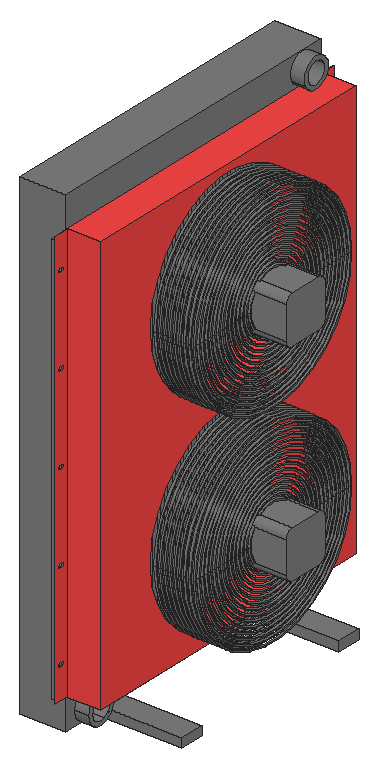
Revit family "MIT-A21Y-0102", category Specialty Equipment, Revit 2022
Family settings
  Round Connector Dimension = Use Radius
  Part Type = Normal
  Work Plane-Based = No
  Always vertical = Yes
  Cut with Voids When Loaded = No
  Maintain Annotation Orientation = No
  Shared = No
  Room Calculation Point = No
Parameters
  URL = "https://en.ekinendustriyel.com/fan-driven-oil-coolers"
  Model = "MIT-A21Y-0102"
  Manufacturer = "Ekin Endüstriyel"
  Keynote = "Fan Driven Oil Coolers"
  Description = "MIT- Fan Driven Oil Coolers"
  Default Elevation = 0 mm
Reference planes
  plane 1 "Center (Front/Back)": y = 0
  plane 2: z = 0
  plane 3 "Center (Left/Right)": x = 0
Forms (mm)
  Extrusion 1, solid, material "Ekin Endustriyel-S235JR", detail levels medium+fine
    sketch origin (-1245, -0.99, 0) x (0, 1, 0) y (0, 0, 1)
      loop
        line (-324.01, 20) -> (325.99, 20) -> (325.99, 1000) -> (-324.01, 1000) -> (-324.01, 20)
      loop
        line (315.99, 925) -> (305.99, 925) -> (305.99, 95) -> (315.99, 95) -> (315.99, 925)
      loop
        line (295.99, 925) -> (285.99, 925) -> (285.99, 95) -> (295.99, 95) -> (295.99, 925)
      loop
        line (275.99, 925) -> (265.99, 925) -> (265.99, 95) -> (275.99, 95) -> (275.99, 925)
      loop
        line (255.99, 925) -> (245.99, 925) -> (245.99, 95) -> (255.99, 95) -> (255.99, 925)
      loop
        line (235.99, 925) -> (225.99, 925) -> (225.99, 95) -> (235.99, 95) -> (235.99, 925)
      loop
        line (215.99, 925) -> (205.99, 925) -> (205.99, 95) -> (215.99, 95) -> (215.99, 925)
      loop
        line (195.99, 925) -> (185.99, 925) -> (185.99, 95) -> (195.99, 95) -> (195.99, 925)
      loop
        line (175.99, 925) -> (165.99, 925) -> (165.99, 95) -> (175.99, 95) -> (175.99, 925)
      loop
        line (155.99, 925) -> (145.99, 925) -> (145.99, 95) -> (155.99, 95) -> (155.99, 925)
      loop
        line (135.99, 925) -> (125.99, 925) -> (125.99, 95) -> (135.99, 95) -> (135.99, 925)
      loop
        line (115.99, 925) -> (105.99, 925) -> (105.99, 95) -> (115.99, 95) -> (115.99, 925)
      loop
        line (95.99, 925) -> (85.99, 925) -> (85.99, 95) -> (95.99, 95) -> (95.99, 925)
      loop
        line (75.99, 925) -> (65.99, 925) -> (65.99, 95) -> (75.99, 95) -> (75.99, 925)
      loop
        line (55.99, 925) -> (45.99, 925) -> (45.99, 95) -> (55.99, 95) -> (55.99, 925)
      loop
        line (35.99, 925) -> (25.99, 925) -> (25.99, 95) -> (35.99, 95) -> (35.99, 925)
      loop
        line (15.99, 925) -> (5.99, 925) -> (5.99, 95) -> (15.99, 95) -> (15.99, 925)
      loop
        line (-4.01, 925) -> (-14.01, 925) -> (-14.01, 95) -> (-4.01, 95) -> (-4.01, 925)
      loop
        line (-24.01, 925) -> (-34.01, 925) -> (-34.01, 95) -> (-24.01, 95) -> (-24.01, 925)
      loop
        line (-44.01, 925) -> (-54.01, 925) -> (-54.01, 95) -> (-44.01, 95) -> (-44.01, 925)
      loop
        line (-64.01, 925) -> (-74.01, 925) -> (-74.01, 95) -> (-64.01, 95) -> (-64.01, 925)
      loop
        line (-84.01, 925) -> (-94.01, 925) -> (-94.01, 95) -> (-84.01, 95) -> (-84.01, 925)
      loop
        line (-104.01, 925) -> (-114.01, 925) -> (-114.01, 95) -> (-104.01, 95) -> (-104.01, 925)
      loop
        line (-124.01, 925) -> (-134.01, 925) -> (-134.01, 95) -> (-124.01, 95) -> (-124.01, 925)
      loop
        line (-144.01, 925) -> (-154.01, 925) -> (-154.01, 95) -> (-144.01, 95) -> (-144.01, 925)
      loop
        line (-164.01, 925) -> (-174.01, 925) -> (-174.01, 95) -> (-164.01, 95) -> (-164.01, 925)
      loop
        line (-184.01, 925) -> (-194.01, 925) -> (-194.01, 95) -> (-184.01, 95) -> (-184.01, 925)
      loop
        line (-204.01, 925) -> (-214.01, 925) -> (-214.01, 95) -> (-204.01, 95) -> (-204.01, 925)
      loop
        line (-224.01, 925) -> (-234.01, 925) -> (-234.01, 95) -> (-224.01, 95) -> (-224.01, 925)
      loop
        line (-244.01, 925) -> (-254.01, 925) -> (-254.01, 95) -> (-244.01, 95) -> (-244.01, 925)
      loop
        line (-264.01, 925) -> (-274.01, 925) -> (-274.01, 95) -> (-264.01, 95) -> (-264.01, 925)
      loop
        line (-284.01, 925) -> (-294.01, 925) -> (-294.01, 95) -> (-284.01, 95) -> (-284.01, 925)
      loop
        line (-304.01, 925) -> (-314.01, 925) -> (-314.01, 95) -> (-304.01, 95) -> (-304.01, 925)
    from 1339 to 1245
  Extrusion 2, solid, material "Ekin Endustriyel_S235JR", detail levels medium+fine
    sketch origin (1068.5, 0, -19.6) x (0, 1, 0) y (0, 0, 1)
      loop
        line (-325, 103.057) -> (325, 103.057) -> (325, 958.35) -> (-325, 958.35) -> (-325, 103.057)
      loop
        circle (0, 315.6) r 200
      loop
        circle (0, 743.6) r 200
    from -904.5 to -974.5
  Extrusion 3, solid, material "Ekin Endustriyel_S235JR", detail levels medium+fine
    sketch origin (356.704, 0, 61.923) x (0, 1, 0) y (0, 0, 1)
      loop
        line (-355, 874.62) -> (-355, 21.534) -> (-325, 21.534) -> (-325, 874.62) -> (-355, 874.62)
      loop
        line (-336.5, 92.577) -> (-343.5, 92.577)
        arc (-343.5, 92.577) -> (-348, 88.077) -> (-343.5, 83.577) r 4.5
        line (-343.5, 83.577) -> (-336.5, 83.577)
        arc (-336.5, 83.577) -> (-332, 88.077) -> (-336.5, 92.577) r 4.5
      loop
        line (-336.5, 272.577) -> (-343.5, 272.577)
        arc (-343.5, 272.577) -> (-348, 268.077) -> (-343.5, 263.577) r 4.5
        line (-343.5, 263.577) -> (-336.5, 263.577)
        arc (-336.5, 263.577) -> (-332, 268.077) -> (-336.5, 272.577) r 4.5
      loop
        line (-336.5, 452.577) -> (-343.5, 452.577)
        arc (-343.5, 452.577) -> (-348, 448.077) -> (-343.5, 443.577) r 4.5
        line (-343.5, 443.577) -> (-336.5, 443.577)
        arc (-336.5, 443.577) -> (-332, 448.077) -> (-336.5, 452.577) r 4.5
      loop
        line (-336.5, 632.577) -> (-343.5, 632.577)
        arc (-343.5, 632.577) -> (-348, 628.077) -> (-343.5, 623.577) r 4.5
        line (-343.5, 623.577) -> (-336.5, 623.577)
        arc (-336.5, 623.577) -> (-332, 628.077) -> (-336.5, 632.577) r 4.5
      loop
        line (-336.5, 812.577) -> (-343.5, 812.577)
        arc (-343.5, 812.577) -> (-348, 808.077) -> (-343.5, 803.577) r 4.5
        line (-343.5, 803.577) -> (-336.5, 803.577)
        arc (-336.5, 803.577) -> (-332, 808.077) -> (-336.5, 812.577) r 4.5
      loop
        line (355, 874.62) -> (325, 874.62) -> (325, 21.534) -> (355, 21.534) -> (355, 874.62)
      loop
        arc (336.5, 92.577) -> (332, 88.077) -> (336.5, 83.577) r 4.5
        line (336.5, 83.577) -> (343.5, 83.577)
        arc (343.5, 83.577) -> (348, 88.077) -> (343.5, 92.577) r 4.5
        line (343.5, 92.577) -> (336.5, 92.577)
      loop
        arc (336.5, 272.577) -> (332, 268.077) -> (336.5, 263.577) r 4.5
        line (336.5, 263.577) -> (343.5, 263.577)
        arc (343.5, 263.577) -> (348, 268.077) -> (343.5, 272.577) r 4.5
        line (343.5, 272.577) -> (336.5, 272.577)
      loop
        arc (336.5, 452.577) -> (332, 448.077) -> (336.5, 443.577) r 4.5
        line (336.5, 443.577) -> (343.5, 443.577)
        arc (343.5, 443.577) -> (348, 448.077) -> (343.5, 452.577) r 4.5
        line (343.5, 452.577) -> (336.5, 452.577)
      loop
        arc (336.5, 632.577) -> (332, 628.077) -> (336.5, 623.577) r 4.5
        line (336.5, 623.577) -> (343.5, 623.577)
        arc (343.5, 623.577) -> (348, 628.077) -> (343.5, 632.577) r 4.5
        line (343.5, 632.577) -> (336.5, 632.577)
      loop
        arc (336.5, 812.577) -> (332, 808.077) -> (336.5, 803.577) r 4.5
        line (336.5, 803.577) -> (343.5, 803.577)
        arc (343.5, 803.577) -> (348, 808.077) -> (343.5, 812.577) r 4.5
        line (343.5, 812.577) -> (336.5, 812.577)
    from -261.204 to -262.704
  Extrusion 4, solid, material "Ekin Endustriyel-S235JR", detail levels fine
    sketch origin (-1795, 139.233, 0) x (1, 0, 0) y (0, 0, 1)
      loop
        line (1745, 20) -> (1745, 0) -> (2045, 0) -> (2045, 20) -> (1745, 20)
    from -85.767 to -35.767
  Extrusion 5, solid, material "Ekin Endustriyel-S235JR", detail levels coarse
    sketch origin (-750, 0, 0) x (0, 1, 0) y (0, 0, 1)
      loop
        line (325, 1000) -> (-325, 1000) -> (-325, 0) -> (325, 0) -> (325, 1000)
    from 844 to 750
  Extrusion 6, solid, material "Ekin Endustriyel_S235JR", detail levels coarse
    sketch origin (1213.5, 0, -1.307) x (0, 1, 0) y (0, 0, 1)
      loop
        line (-325, 940.057) -> (-325, 82.557) -> (325, 82.557) -> (325, 940.057) -> (-325, 940.057)
    from -1049.5 to -1119.5
  Extrusion 7, solid, material "Ekin Endustriyel-S235JR"
    sketch origin (310.965, 0, -5.026) x (0, 1, 0) y (0, 0, 1)
      loop
        arc (-33.5, 349.526) -> (-44.107, 345.132) -> (-48.5, 334.526) r 15
        line (-48.5, 334.526) -> (-48.5, 267.526)
        arc (-48.5, 267.526) -> (-44.107, 256.919) -> (-33.5, 252.526) r 15
        line (-33.5, 252.526) -> (33.5, 252.526)
        arc (33.5, 252.526) -> (44.107, 256.919) -> (48.5, 267.526) r 15
        line (48.5, 267.526) -> (48.5, 334.526)
        arc (48.5, 334.526) -> (44.107, 345.132) -> (33.5, 349.526) r 15
        line (33.5, 349.526) -> (-33.5, 349.526)
    from 11.296 to -123.465
  Extrusion 8, solid, material "Ekin Endustriyel-S235JR", detail levels coarse
    sketch origin (1670, 0, -43.773) x (0, 1, 0) y (0, 0, 1)
      loop
        circle (0, 339.773) r 200
      loop
        circle (0, 767.773) r 200
    from -1347.843 to -1506
  Extrusion 9, solid, material "Ekin Endustriyel-S235JR", detail levels fine
    sketch origin (355, 0, 333.802) x (0, 1, 0) y (0, 0, 1)
      loop
        line (325, 596.198) -> (325, -243.802) -> (355, -243.802) -> (355, 596.198) -> (325, 596.198)
      loop
        circle (340, -3.802) r 5
      loop
        circle (340, -183.802) r 5
      loop
        circle (340, 176.198) r 5
      loop
        circle (340, 356.198) r 5
      loop
        circle (340, 536.198) r 5
      loop
        line (-325, 596.198) -> (-355, 596.198) -> (-355, -243.802) -> (-325, -243.802) -> (-325, 596.198)
      loop
        circle (-340, -3.802) r 5
      loop
        circle (-340, -183.802) r 5
      loop
        circle (-340, 176.198) r 5
      loop
        circle (-340, 356.198) r 5
      loop
        circle (-340, 536.198) r 5
    from -267 to -261
  Extrusion 10, solid, material "Ekin Endustriyel-S235JR", detail levels fine
    sketch origin (-1795, -133.751, 0) x (1, 0, 0) y (0, 0, 1)
      loop
        line (1745, 0) -> (2045, 0) -> (2045, 20) -> (1745, 20) -> (1745, 0)
    from 41.249 to 91.249
  Revolve 11, solid, material "Ekin Endustriyel-S235JR", detail levels medium+fine
    sketch origin (0, 0, 296.016) x (1, 0, 0) y (0, 1, 0)
      loop
        circle (174.2, 197.994) r 2
      loop
        circle (184.2, 197.994) r 2
      loop
        circle (194.2, 197.994) r 2
      loop
        circle (204.2, 197.994) r 2
      loop
        circle (214.2, 197.994) r 2
      loop
        circle (224.2, 197.994) r 2
      loop
        circle (234.2, 197.994) r 2
      loop
        circle (244.2, 197.994) r 2
      loop
        circle (254.2, 197.994) r 2
      loop
        circle (254.2, 187.994) r 2
      loop
        circle (254.2, 177.994) r 2
      loop
        circle (254.2, 167.994) r 2
      loop
        circle (254.2, 157.994) r 2
      loop
        circle (254.2, 147.994) r 2
      loop
        circle (254.2, 137.994) r 2
      loop
        circle (254.2, 127.994) r 2
      loop
        circle (254.2, 117.994) r 2
      loop
        circle (254.2, 107.994) r 2
      loop
        circle (254.2, 97.994) r 2
      loop
        circle (254.2, 87.994) r 2
      loop
        circle (254.197, 78) r 2
      loop
        circle (254.197, 68) r 2
      loop
        circle (254.197, 58) r 2
      axis (172.2, 0) -> (256.2, 0)
    angle from 0 to 360
  Extrusion 12, solid, material "Ekin Endustriyel-S235JR"
    sketch origin (310.965, 0, 422.982) x (0, 1, 0) y (0, 0, 1)
      loop
        arc (-33.5, 349.526) -> (-44.107, 345.132) -> (-48.5, 334.526) r 15
        line (-48.5, 334.526) -> (-48.5, 267.526)
        arc (-48.5, 267.526) -> (-44.107, 256.919) -> (-33.5, 252.526) r 15
        line (-33.5, 252.526) -> (33.5, 252.526)
        arc (33.5, 252.526) -> (44.107, 256.919) -> (48.5, 267.526) r 15
        line (48.5, 267.526) -> (48.5, 334.526)
        arc (48.5, 334.526) -> (44.107, 345.132) -> (33.5, 349.526) r 15
        line (33.5, 349.526) -> (-33.5, 349.526)
    from 11.296 to -123.465
  Revolve 13, solid, material "Ekin Endustriyel-S235JR", detail levels medium+fine
    sketch origin (0, 0, 724.023) x (1, 0, 0) y (0, 1, 0)
      loop
        circle (174.2, 197.994) r 2
      loop
        circle (184.2, 197.994) r 2
      loop
        circle (194.2, 197.994) r 2
      loop
        circle (204.2, 197.994) r 2
      loop
        circle (214.2, 197.994) r 2
      loop
        circle (224.2, 197.994) r 2
      loop
        circle (234.2, 197.994) r 2
      loop
        circle (244.2, 197.994) r 2
      loop
        circle (254.2, 197.994) r 2
      loop
        circle (254.2, 187.994) r 2
      loop
        circle (254.2, 177.994) r 2
      loop
        circle (254.2, 167.994) r 2
      loop
        circle (254.2, 157.994) r 2
      loop
        circle (254.2, 147.994) r 2
      loop
        circle (254.2, 137.994) r 2
      loop
        circle (254.2, 127.994) r 2
      loop
        circle (254.2, 117.994) r 2
      loop
        circle (254.2, 107.994) r 2
      loop
        circle (254.2, 97.994) r 2
      loop
        circle (254.2, 87.994) r 2
      loop
        circle (254.197, 78) r 2
      loop
        circle (254.197, 68) r 2
      loop
        circle (254.197, 58) r 2
      axis (172.2, 0) -> (256.2, 0)
    angle from 0 to 360
  Extrusion 14, solid, material "Ekin Endustriyel-S235JR", detail levels medium+fine
    sketch origin (269.476, 1415.081, 298.428) x (0, -1, 0) y (0, 0, 1)
      loop
        circle (1140.081, 671.572) r 22.4
      loop
        arc (1112.164, 682.554) -> (1127.931, 644.142) -> (1166.974, 658.275) r 30
        arc (1166.974, 658.275) -> (1152.232, 699.001) -> (1112.164, 682.554) r 30
    from 175.476 to 145.476
  Extrusion 15, solid, material "Ekin Endustriyel-S235JR", detail levels medium+fine
    sketch origin (-1026.913, -1570.451, 1.514) x (0, 1, 0) y (0, 0, 1)
      loop
        circle (1295.451, 48.486) r 22.4
      loop
        circle (1295.451, 48.486) r 30
    from 1120.913 to 1151.913
  Extrusion 16, solid, material "Ekin Endustriyel-S235JR", detail levels medium+fine
    sketch origin (172.465, -1570.451, 259.201) x (0, 1, 0) y (0, 0, 1)
      loop
        circle (1845.451, -214.201) r 9.75
      loop
        circle (1845.451, -214.201) r 15
    from -78.465 to -58.465
Dimensions and locks
  aligned and locked: level to plane 2
Connectors
  piping at (114, 275, 45), diameter 12.8
    settings: on Extrusion 16, index 8, connector inside diameter 609.6 mm, connector length 0 mm, flow factor 0, pipe flow 0.0 L/s, pressure drop 0.0 Pa, fitting loss kfactor 0, connector angle 0.00°, fixture units 0, engagement length 0 mm, angle of deflection 0.00°, flow configuration 0, flow direction 0, fitting loss method 0, system type 7, joint type 0, gender type 0, connector reference index -1, connector utility 0, adjustable connector no, is connector primary yes, connector description ""
  piping at (124, 275, 970), diameter 38.2
    settings: on Extrusion 14, index 9, connector inside diameter 609.6 mm, connector length 0 mm, flow factor 0, pipe flow 0.0 L/s, pressure drop 0.0 Pa, fitting loss kfactor 0, connector angle 0.00°, fixture units 0, engagement length 0 mm, angle of deflection 0.00°, flow configuration 0, flow direction 0, fitting loss method 0, system type 7, joint type 0, gender type 0, connector reference index -1, connector utility 0, adjustable connector no, is connector primary no, connector description ""
  piping at (125, -275, 50), diameter 38.2
    settings: on Extrusion 15, index 10, connector inside diameter 609.6 mm, connector length 0 mm, flow factor 0, pipe flow 0.0 L/s, pressure drop 0.0 Pa, fitting loss kfactor 0, connector angle 0.00°, fixture units 0, engagement length 0 mm, angle of deflection 0.00°, flow configuration 0, flow direction 0, fitting loss method 0, system type 7, joint type 0, gender type 0, connector reference index -1, connector utility 0, adjustable connector no, is connector primary no, connector description ""
